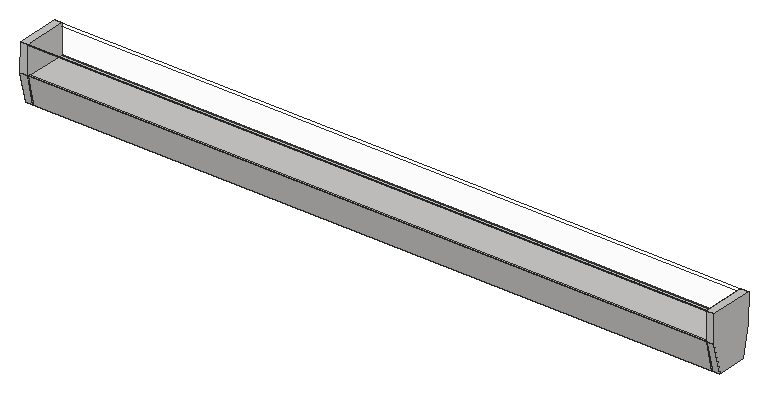
Revit family "67L-S-SQ", category Lighting Fixtures, host Face, Revit 2014
Parameters (values of type "Note 67L-Textured Matte White")
  Width = 48.000"
  Watts = 4.5 W
  Wattage Comments = "550 to 1800 lumens/ft"  # constant formula
  Wattage = 4.5 W
  built-in parameter 1150110 = 1 (stored number, unit not read)
  Voltage = 120 V
  URL = "https://www.hubbell.com/litecontrol/en/"
  Type Comments = "Lighting Fixture"  # constant formula
  built-in parameter 1114217 = 1 (stored number, unit not read)
  Tilt Angle = -90.00°
  built-in parameter 1150109 = 1 (stored number, unit not read)
  built-in parameter 1150134 = (empty or 0)
  built-in parameter 1150113 = 1 (stored number, unit not read)
  Reflector Finish = Hubbell - White Glass
  Product Page URL = "https://www.hubbell.com/hubbell/en/c/NOTE-67L-S-D/p/1983153"
  Product Material = Paint - Hubbell - Textured Matte White
  Product Documentation Link = "https://hubbellcdn.com/specsheet/67L-S-D.pdf"
  Power Factor = 1
  Photometric Web File = "67L-S-D-4-4-BL-C1-35K-D055.IES"
  Photometric Notes = "Photometric web files Download in below link"  # constant formula
  Photometric Link = "https://resources.hubbelllighting.com/hubbelllightingci/photometry/?p=LITECONTROL/Surface/67L-S-D/"
  Model = "67L-S-Square"  # constant formula
  Manufacturer = "Litecontrol"  # constant formula
  built-in parameter 1150105 = 43.33 (stored number, unit not read)
  Lumens = 544.5 lm
  built-in parameter 1150115 = 1 (stored number, unit not read)
  Load Classification = Lighting
  built-in parameter 1150137 = (empty or 0)
  built-in parameter 1150139 = (empty or 0)
  built-in parameter 1150112 = 1 (stored number, unit not read)
  built-in parameter 1150114 = 1 (stored number, unit not read)
  Lamp = "LED"  # constant formula
  built-in parameter 1150132 = (empty or 0)
  built-in parameter 1150102 = (empty or 0)
  built-in parameter 1150107 = 3500 (stored number, unit not read)
  built-in parameter 1150138 = (empty or 0)
  built-in parameter 1150106 = 0.4333 (stored number, unit not read)
  Frequency = 60 Hz  # constant formula
  Emit from Rectangle Width = 2.000"
  Emit from Rectangle Length = (Width - 1.000")  # 47.000"
  Emit Shape Visible in Rendering = no
  built-in parameter 1150104 = 11.241 (stored number, unit not read)
  Dimming Lamp Color Temperature Shift = <None>
  Description = "The NOTE 67L Surface brings direct illumination, performance and versatility, all within a slim profile and a fresh, contemporary style"  # constant formula
  Default Elevation = 48.000"
  Create Date = "03/21/2018"  # constant formula
  Contact Us = "https://www.hubbell.com/litecontrol/en/contactUs"
  Color Filter = 16777215
  built-in parameter 1114218 = 1 (stored number, unit not read)
  built-in parameter 1150133 = 10 (stored number, unit not read)
  Assembly Code = "D5020200"
  Apparent Load = 0 VA
Types (7): name | Product Material
  (no name) | Paint - Hubbell - Textured Matte White
  Note 67L-Textured Matte White | Paint - Hubbell - Textured Matte White
  Note 67L-Matte White | Paint - Hubbell - Matte White
  Note 67L-Light Silver | Paint - Hubbell - Light Silver
  Note 67L-Machined Aluminium | Paint - Hubbell - Machined Aluminum
  Note 67L-Carbon Black | Paint - Hubbell - Carbon Black
  Note 67L-Textured Camera Black | Paint - Hubbell - Textured Camera Black
Reference planes (in)
  plane 1 "Center (Front/Back)": y = 0
  plane 2: z = 0
  plane 3 "Center (Left/Right)": x = 0
  plane 4: z = 2.5
Dimensions and locks (in)
  plane 4 to host face = 2.500"
  aligned and locked: plane 2 to host face
  aligned and locked: level to host face
  aligned and locked: imposter light to plane 4
  aligned and locked: plane 1 "Center (Front/Back)" to nested 1
  aligned and locked: plane 3 "Center (Left/Right)" to nested 1
Nested families (in)
  nested 1: "Square" at (2.04767, -0.03999, 0), Row Length <- "Width", Glass <- "Reflector Finish", Backbox <- "Product Material", type "Square"
    with Row Length 48.000", Glass Hubbell - White Glass, Backbox Paint - Hubbell - Textured Matte White
Connectors (in)
  electrical at (0, 0.00195, 0), driven by "Load Classification", driven by "Voltage", driven by "Apparent Load", driven by "Power Factor"
    settings: on nested 1, index 1, voltage 120 V, apparent load 0 VA, apparent load phase1 0 VA, apparent load phase2 0 VA, apparent load phase3 0 VA, power factor 1, load classification "Lighting", number of poles 1, system type 30, power factor state 1, is connector primary yes, connector utility no, sub classification motor no, connector description "Lighting Connector"
Definition of nested family "Square"
  Parameters (values of type "67L-P-D Light")
    Wattage Comments = ""
    URL = ""
    Row Length [instance] = 24.000"
    Product Page URL = ""
    Product Documentation Link = ""
    Model = ""
    Manufacturer Phone = ""
    Manufacturer Fax = ""
    Manufacturer = ""
    Lamp = ""
    Glass [instance] = none
    Description = ""
    Default Elevation = 48.000"
    Backbox [instance] = none
  Reference planes (in)
    plane 1 "Center (Front/Back)": y = 0.03999
    plane 2: z = 0
    plane 3 "Center (Left/Right)": x = -2.04767
    plane 4: x = -14.04767
    plane 5: x = 9.95233
    plane 6: x = -13.54767
    plane 7: x = 9.45233
    plane 8: z = 3.9375
    plane 9: y = -1.46001
    plane 10: y = 1.53999
    plane 11: y = 1.03999
    plane 12: y = -0.96001
    plane 13: z = 1.98438
  Forms (in)
    Extrusion 1, solid
      sketch origin (0, 0, 0.06357) x (1, 0, 0) y (0, 1, 0)
        loop
          line (-48, 48) -> (-48, -48) -> (48, -48) -> (48, 48) -> (-48, 48)
      from -0.06357 to -6.47428
    Extrusion 2, solid, material <- "Backbox"
      sketch origin (-2.04767, 0, 0) x (0, 1, 0) y (0, 0, 1)
        loop
          line (-0.96001, 0) -> (1.0439, 0) -> (1.53999, 1.98437) -> (1.53999, 3.9375) -> (-1.4561, 3.9375) -> (-1.4561, 1.98437) -> (-0.96001, 0)
      from 11.5 to 12
    Extrusion 3, solid, material <- "Backbox"
      sketch origin (-2.04767, 0, 0) x (0, 1, 0) y (0, 0, 1)
        loop
          line (-0.96001, 0) -> (1.0439, 0) -> (1.53999, 1.98437) -> (1.53999, 3.9375) -> (-1.46001, 3.9375) -> (-1.46001, 2) -> (-0.96001, 0)
      from -11.5 to -12
    Extrusion 4, solid, material <- "Glass"
      sketch origin (-2.04767, 0, 0) x (0, 1, 0) y (0, 0, 1)
        loop
          line (1.53999, 3.9375) -> (-1.46001, 3.9375) -> (-1.46001, 1.98438) -> (-1.33501, 1.98438) -> (-1.33501, 3.8125) -> (1.41499, 3.8125) -> (1.41499, 1.98438) -> (1.53999, 1.98438) -> (1.53999, 3.9375)
      from -11.5 to 11.5
    Extrusion 5, solid, material <- "Backbox"
      sketch origin (-2.04767, 0, 0) x (0, 1, 0) y (0, 0, 1)
        loop
          line (-0.96001, 0) -> (1.0439, 0) -> (1.53999, 1.98437) -> (-1.4561, 1.98437) -> (-0.96001, 0)
      from -11.5 to 11.5
  Dimensions and locks (in)
    equal spacing: plane 5, plane 3 "Center (Left/Right)", plane 4
    plane 6 to plane 4 = 0.500"
    "Row Length": plane 5 to plane 4
    equal spacing: plane 7, plane 3 "Center (Left/Right)", plane 6
    plane 8 to Extrusion 1 = 3.9375"
    locked: plane 1 "Center (Front/Back)" to plane 9 at 1.5
    locked: plane 13 to Extrusion 1 at 1.98438
    locked: plane 10 to plane 9 at 3
    locked: plane 11 to plane 12 at 2
    aligned and locked: plane 2 to Extrusion 1
    aligned and locked: level to Extrusion 1
    aligned and locked: plane 5 to Extrusion 2
    aligned and locked: Extrusion 2 to plane 7
    aligned and locked: plane 7 to Extrusion 5
    aligned and locked: Extrusion 5 to plane 6
    aligned and locked: Extrusion 3 to plane 4
    aligned and locked: plane 6 to Extrusion 3
    aligned and locked: Extrusion 5 sketch curve to level
    aligned and locked: Extrusion 5 to Extrusion 3 sketch curve
    aligned and locked: Extrusion 2 sketch curve to Extrusion 3  (x3)
    aligned and locked: Extrusion 4 to plane 6
    aligned and locked: plane 7 to Extrusion 4
    aligned and locked: Extrusion 3 to Extrusion 2 sketch curve
    aligned and locked: plane 13 to Extrusion 5
    aligned and locked: Extrusion 3 sketch curve to plane 10
    aligned and locked: Extrusion 3 sketch curve to plane 8
    aligned and locked: Extrusion 3 sketch curve to plane 9
    aligned and locked: Extrusion 2 sketch curve to Extrusion 5
    aligned and locked: Extrusion 2 sketch curve to plane 10
    aligned and locked: Extrusion 4 sketch curve to plane 10
    aligned and locked: Extrusion 4 sketch curve to plane 8
    aligned and locked: Extrusion 4 sketch curve to plane 9
    aligned and locked: Extrusion 4 sketch curve to plane 13
  Automatic sketch dimensions
    Extrusion 1 sketch curve to Extrusion 1 sketch curve = 96.000"  (x2)
    Extrusion 5 sketch curve to plane 12 = 0.000"
    Extrusion 5 sketch curve to plane 10 = 0.000"
    Extrusion 5 sketch curve to plane 9 = 0.00391"
    plane 11 to Extrusion 5 sketch curve = 0.00391"
    Extrusion 5 sketch curve to plane 8 = 1.95312"
    Extrusion 3 sketch curve to plane 12 = 0.000"
    Extrusion 3 sketch curve to plane 13 = 0.000"
    plane 11 to Extrusion 3 sketch curve = 0.00391"
    plane 13 to Extrusion 3 sketch curve = 0.01562"
    Extrusion 4 sketch curve to plane 10 = 0.125"
    Extrusion 4 sketch curve to plane 8 = 0.125"
    Extrusion 4 sketch curve to plane 13 = 0.000"
    Extrusion 4 sketch curve to Extrusion 4 sketch curve = 0.125"
